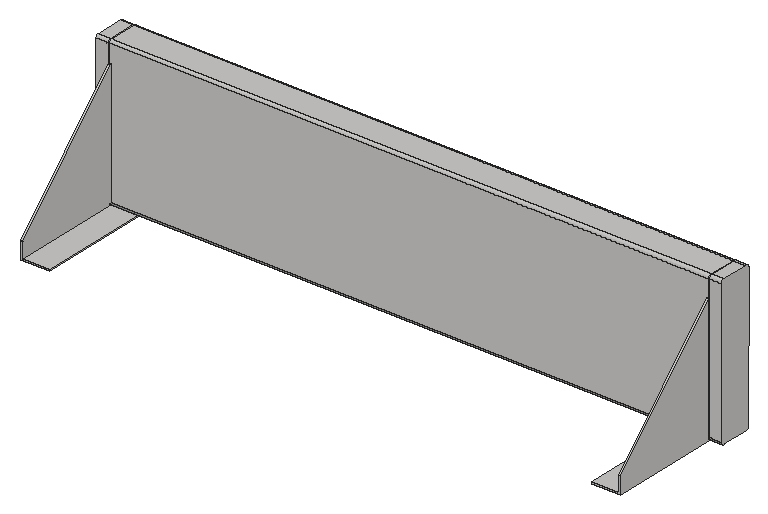
Revit family "PRD_AR_Shlvs_SaturnShelf_BXSV6-30", category Furniture, host Face, Revit 2018
Family settings
  Host = Face
  OmniClass Number = 23.40.20.00
  OmniClass Title = General Furniture and Specialties
  Cut with Voids When Loaded = No
  Shared = No
  Room Calculation Point = No
Parameters (values of type "BXSV6, Width=600")
  WarrantyStartDate [instance] = "1900-12-31T23:59:59"
  WarrantyGuarantorParts = "n/a"
  WarrantyGuarantorLabor = "n/a"
  WarrantyDurationUnit = "year"
  WarrantyDurationParts = "n/a"
  WarrantyDurationLabor = "n/a"
  WarrantyDescription = "n/a"
  Version = "1"
  Uniclass2015Version = "Products v1.10"
  Uniclass2015Title = "Bathroom shelves"
  Uniclass2015Code = "Pr_40_30_78_06"
  URL = "www.kwc.com"
  TagNumber [instance] = "n/a"
  SustainabilityPerformance = "n/a"
  Style = "Shelve"
  Size = "600 x 138 x 142 mm"
  ShelfMaterial = PRD_AR_StainlessSteel_SatinFinished
  Shape = "Rectangular"
  SerialNumber [instance] = "n/a"
  Revision = "n/a"
  ReplacementCost = "n/a"
  ProductInformation = "https://pim.kwc.com/product/2000056952/attachment/datasheet?locale=en"
  OverallWidth = 600.00 mm
  NominalWidth = 600.00 mm
  NominalHeight = 138.00 mm
  NominalDepth = 142.00 mm
  NetWeight = 1.70 kg
  Name = "SATURN shelf BXSV6"
  NBSTypeID = "n/a"
  NBSReference = "45-35-72/354"
  NBSOfficeMasterTag = "n/a"
  NBSNote = "n/a"
  NBSDescription = "Shelves"
  NBSCertification = "n/a"
  ModelReference = "BXSV6"
  ModelNumber = "2000056952"
  Model = ModelReference  # "BXSV6"
  Material = "Stainless steel"
  ManufacturerURL = "www.kwc.com"
  ManufacturerName = "KWC Group AG"  # constant formula
  Manufacturer = ManufacturerName  # "KWC Group AG"
  MainColor = "stainless steel"
  IntegralAccessories = "Brackets welded into shelf"
  InstallationDate [instance] = "1900-12-31T23:59:59"
  IfcExportType = "NOTDEFINED"
  IfcExportAs = "IfcFurnitureType"
  GrossWeight = 2.20 kg
  Grade = "n/a"
  Form = "Wall mounted"
  FinishAndColour = "Stainless steel, satin finished"
  Finish = "Satin finished"
  Features = "stainless steel, 1.00 mm, satin finished, wall mounting, 600x138x142 mm (WxHxD)"
  ExpectedLife = "n/a"
  DurationUnit = "year"
  Description = "Shelf for wall mounting, stainless steel, surface satin finished, material thickness 1 mm, brackets welded into shelf, side ends with grey plastic cover, for lengths over 1800 mm an additional bracket is scope of delivery. width: 600 mm"
  Default Elevation = 1100.00 mm
  CreateOn = "11/2018"  # constant formula
  Constituents = "n/a"
  Color = "Stainless steel"
  CodePerformance = "n/a"
  Category = "Pr_40_30_78_06, Bathroom shelves"
  BarCode [instance] = "n/a"
  BIMObjectName = "PRD_AR_Shelves_SaturnShelf_BXSV6"
  Author = "Archispace"  # constant formula
  AssetType = "Fixed"
  AssetIdentifier [instance] = "n/a"
  AdditionalBracket = OverallWidth > 1799.00 mm  # no
  AccessibilityPerformance = "n/a"
Types (6, lengths in mm): name | Uniclass2015Version | Size | ProductInformation | OverallWidth | NominalWidth | NetWeight | Name | ModelReference | ModelNumber | Model | GrossWeight | Features | Description | BIMObjectName | AdditionalBracket
  BXSV6, Width=600 | "Products v1.10" | "600 x 138 x 142 mm" | "https://pim.kwc.com/product/2000056952/attachment/datasheet?locale=en" | 600.00 | 600.00 | 1.70 kg | "SATURN shelf BXSV6" | "BXSV6" | "2000056952" | "BXSV6" | 2.20 kg | "stainless steel, 1.00 mm, satin finished, wall mounting, 600x138x142 mm (WxHxD)" | "Shelf for wall mounting, stainless steel, surface satin finished, material thickness 1 mm, brackets welded into shelf, side ends with grey plastic cover, for lengths over 1800 mm an additional bracket is scope of delivery. width: 600 mm" | "PRD_AR_Shelves_SaturnShelf_BXSV6" | no
  BXSV12, Width=1200 | "Products v1.10" | "1200 x 138 x 142 mm" | "https://pim.kwc.com/product/2000056946/attachment/datasheet?locale=en" | 1200.00 | 1200.00 | 2.70 kg | "SATURN shelf BXSV12" | "BXSV12" | "2000056946" | "BXSV12" | 3.50 kg | "stainless steel, 1.00 mm, satin finished, wall mounting, 1200x138x142 mm (WxHxD)" | "Shelf for wall mounting, stainless steel, surface satin finished, material thickness 1 mm, brackets welded into shelf, side ends with grey plastic cover, for lengths over 1800 mm an additional bracket is scope of delivery. width: 1200 mm" | "PRD_AR_Shelves_SaturnShelf_BXSV12" | no
  BXSV18, Width=1800 | "Products v1.5" | "1800 x 138 x 142 mm" | "https://pim.kwc.com/product/2000056950/attachment/datasheet?locale=en" | 1800.00 | 1800.00 | 3.80 kg | "SATURN shelf BXSV18" | "BXSV18" | "2000056950" | "BXSV18" | 4.90 kg | "stainless steel, 1.00 mm, satin finished, wall mounting, 1800x138x142 mm (WxHxD)" | "Shelf for wall mounting, stainless steel, surface satin finished, material thickness 1 mm, brackets welded into shelf, side ends with grey plastic cover, for lengths over 1800 mm an additional bracket is scope of delivery. width: 1800 mm" | "PRD_AR_Shelves_SaturnShelf_BXSV18" | yes
  BXSV24, Width=2400 | "Products v1.10" | "2400 x 138 x 142 mm" | "https://pim.kwc.com/product/2000100088/attachment/datasheet?locale=en" | 2400.00 | 2400.00 | 4.60 kg | "SATURN shelf BXSV24" | "BXSV24" | "2000100088" | "BXSV24" | 6.00 kg | "stainless steel, 1.00 mm, satin finished, wall mounting, 2400x138x142 mm (WxHxD)" | "Shelf for wall mounting, stainless steel, surface satin finished, material thickness 1 mm, brackets welded into shelf, side ends with grey plastic cover, for lengths over 1800 mm an additional bracket is scope of delivery. width: 2400 mm" | "PRD_AR_Shelves_SaturnShelf_BXSV24" | yes
  BXSV16, Width=1600 | "Products v1.10" | "1600 x 138 x 142 mm" | "https://pim.kwc.com/product/2030046197/attachment/datasheet?locale=en" | 1600.00 | 1600.00 | 2.90 kg | "SATURN shelf BXSV16" | "BXSV16" | "2030046197" | "BXSV16" | 3.80 kg | "stainless steel, 1.00 mm, satin finished, wall mounting, 1600x138x142 mm (WxHxD)" | "Shelf for wall mounting, stainless steel, surface satin finished, material thickness 1 mm, brackets welded into shelf, side ends with grey plastic cover, for lengths over 1800 mm an additional bracket is scope of delivery. width: 1600 mm" | "PRD_AR_Shelves_SaturnShelf_BXSV16" | no
  BXSV30, Width=3000 | "Products v1.10" | "3000 x 138 x 142 mm" | "https://pim.kwc.com/product/2030046195/attachment/datasheet?locale=en" | 3000.00 | 3000.00 | 4.80 kg | "SATURN shelf BXSV30" | "BXSV30" | "2030046195" | "BXSV30" | 6.60 kg | "stainless steel, 1.00 mm, satin finished, wall mounting, 3000x138x142 mm (WxHxD)" | "Shelf for wall mounting, stainless steel, surface satin finished, material thickness 1 mm, brackets welded into shelf, side ends with grey plastic cover, for lengths over 1800 mm an additional bracket is scope of delivery. width: 3000 mm" | "PRD_AR_Shelves_SaturnShelf_BXSV30" | yes
Reference planes
  plane 1 "Center (Front/Back)": y = 0
  plane 2: z = 0
  plane 3 "Center (Left/Right)": x = 0
  plane 4: x = -300
  plane 5: x = 300
  plane 6: x = -288
  plane 7: x = 288
Forms (mm)
  Extrusion 1, solid, material "PRD_AR_StainlessSteel_SatinFinished" <- "ShelfMaterial", detail levels fine
    sketch origin (0, 0, 0) x (0, 1, 0) y (0, 0, 1)
      loop
        arc (-32, 2.65) -> (-31.224, 0.776) -> (-29.35, 0) r 2.65
        line (-29.35, 0) -> (-2.65, 0)
        arc (-2.65, 0) -> (-0.776, 0.776) -> (0, 2.65) r 2.65
        line (0, 2.65) -> (0, 13.902)
        arc (0, 13.902) -> (-0.202, 14.916) -> (-0.776, 15.776) r 2.65
        line (-0.776, 15.776) -> (-7.487, 22.487)
        arc (-7.487, 22.487) -> (-7.867, 23.055) -> (-8, 23.725) r 1.75
        line (-8, 23.725) -> (-8, 118.275)
        arc (-8, 118.275) -> (-7.867, 118.945) -> (-7.487, 119.513) r 1.75
        line (-7.487, 119.513) -> (-0.776, 126.224)
        arc (-0.776, 126.224) -> (-0.202, 127.084) -> (0, 128.098) r 2.65
        line (0, 128.098) -> (0, 139.35)
        arc (0, 139.35) -> (-0.776, 141.224) -> (-2.65, 142) r 2.65
        line (-2.65, 142) -> (-29.35, 142)
        arc (-29.35, 142) -> (-31.224, 141.224) -> (-32, 139.35) r 2.65
        line (-32, 139.35) -> (-32, 2.65)
    from -288 to 288
  Extrusion 2, solid, material "PRD_AR_StainlessSteel_SatinFinished" <- "ShelfMaterial", detail levels fine
    sketch origin (-300, 544.268, 1219.2) x (0, 1, 0) y (0, 0, 1)
      loop
        arc (-573.618, -1077.2) -> (-575.492, -1077.976) -> (-576.268, -1079.85) r 2.65
        line (-576.268, -1079.85) -> (-576.268, -1216.55)
        arc (-576.268, -1216.55) -> (-575.492, -1218.424) -> (-573.618, -1219.2) r 2.65
        line (-573.618, -1219.2) -> (-546.918, -1219.2)
        arc (-546.918, -1219.2) -> (-545.044, -1218.424) -> (-544.268, -1216.55) r 2.65
        line (-544.268, -1216.55) -> (-544.268, -1079.85)
        arc (-544.268, -1079.85) -> (-545.044, -1077.976) -> (-546.918, -1077.2) r 2.65
        line (-546.918, -1077.2) -> (-573.618, -1077.2)
    from 0 to 12
  Extrusion 3, solid, material "PRD_AR_StainlessSteel_SatinFinished" <- "ShelfMaterial", detail levels fine
    sketch origin (300, 544.268, 1219.2) x (0, 1, 0) y (0, 0, -1)
      loop
        line (-544.268, 1079.85) -> (-544.268, 1216.55)
        arc (-544.268, 1216.55) -> (-545.044, 1218.424) -> (-546.918, 1219.2) r 2.65
        line (-546.918, 1219.2) -> (-573.618, 1219.2)
        arc (-573.618, 1219.2) -> (-575.492, 1218.424) -> (-576.268, 1216.55) r 2.65
        line (-576.268, 1216.55) -> (-576.268, 1079.85)
        arc (-576.268, 1079.85) -> (-575.492, 1077.976) -> (-573.618, 1077.2) r 2.65
        line (-573.618, 1077.2) -> (-546.918, 1077.2)
        arc (-546.918, 1077.2) -> (-545.044, 1077.976) -> (-544.268, 1079.85) r 2.65
    from 0 to 12
  Extrusion 4, solid, material "PRD_AR_StainlessSteel_SatinFinished" <- "ShelfMaterial", detail levels medium+fine
    sketch origin (-288, 544.268, 1219.2) x (0, 1, 0) y (0, 0, 1)
      loop
        line (-576.268, -1219.2) -> (-576.268, -1097.2) -> (-682.268, -1203.2) -> (-682.268, -1219.2) -> (-576.268, -1219.2)
    from 0 to 2
  Extrusion 5, solid, material "PRD_AR_StainlessSteel_SatinFinished" <- "ShelfMaterial", detail levels medium+fine
    sketch origin (-288, 544.268, 1219.2) x (0, 1, 0) y (0, 0, 1)
      loop
        line (-682.268, -1219.2) -> (-576.268, -1219.2) -> (-576.268, -1218.2) -> (-682.268, -1218.2) -> (-682.268, -1219.2)
    from 0 to 28
  Extrusion 6, solid, material "PRD_AR_StainlessSteel_SatinFinished" <- "ShelfMaterial", detail levels medium+fine
    sketch origin (288, 544.268, 1219.2) x (0, 1, 0) y (0, 0, -1)
      loop
        line (-682.268, 1203.2) -> (-576.268, 1097.2) -> (-576.268, 1219.2) -> (-682.268, 1219.2) -> (-682.268, 1203.2)
    from 0 to 2
  Extrusion 7, solid, material "PRD_AR_StainlessSteel_SatinFinished" <- "ShelfMaterial", detail levels medium+fine
    sketch origin (288, 544.268, 1219.2) x (0, 1, 0) y (0, 0, -1)
      loop
        line (-576.268, 1219.2) -> (-682.268, 1219.2) -> (-682.268, 1218.2) -> (-576.268, 1218.2) -> (-576.268, 1219.2)
    from 0 to 28
  Extrusion 8, solid, material "PRD_AR_StainlessSteel_SatinFinished" <- "ShelfMaterial", visible <- "AdditionalBracket", detail levels medium+fine
    sketch origin (0, 0, 0) x (0, 1, 0) y (0, 0, 1)
      loop
        line (-32, 122) -> (-138, 16) -> (-138, 0) -> (-32, 0) -> (-32, 122)
    from -12 to -14
  Extrusion 9, solid, material "PRD_AR_StainlessSteel_SatinFinished" <- "ShelfMaterial", visible <- "AdditionalBracket", detail levels medium+fine
    sketch origin (0, 0, 0) x (0, 1, 0) y (0, 0, 1)
      loop
        line (-32, 0) -> (-32, 1) -> (-138, 1) -> (-138, 0) -> (-32, 0)
    from 14 to -14
  Extrusion 10, solid, material "PRD_AR_StainlessSteel_SatinFinished" <- "ShelfMaterial", detail levels coarse+medium
    sketch origin (0, 0, 0) x (0, 1, 0) y (0, 0, 1)
      loop
        line (0, 0) -> (0, 142) -> (-32, 142) -> (-32, 0) -> (0, 0)
    from -300 to 300
  Extrusion 11, solid, material "PRD_AR_StainlessSteel_SatinFinished" <- "ShelfMaterial", visible <- "AdditionalBracket", detail levels coarse
    sketch origin (0, 0, 0) x (0, 1, 0) y (0, 0, 1)
      loop
        line (-32, 122) -> (-138, 16) -> (-138, 0) -> (-32, 0) -> (-32, 122)
    from -14 to 14
  Extrusion 12, solid, material "PRD_AR_StainlessSteel_SatinFinished" <- "ShelfMaterial", detail levels coarse
    sketch origin (288, 544.268, 1219.2) x (0, 1, 0) y (0, 0, -1)
      loop
        line (-576.268, 1097.2) -> (-576.268, 1219.2) -> (-682.268, 1219.2) -> (-682.268, 1203.2) -> (-576.268, 1097.2)
    from 0 to 28
  Extrusion 13, solid, material "PRD_AR_StainlessSteel_SatinFinished" <- "ShelfMaterial", detail levels coarse
    sketch origin (-288, 544.268, 1219.2) x (0, 1, 0) y (0, 0, 1)
      loop
        line (-576.268, -1219.2) -> (-576.268, -1097.2) -> (-682.268, -1203.2) -> (-682.268, -1219.2) -> (-576.268, -1219.2)
    from 0 to 28
Cuts and joins
  joined: Extrusion 4, Extrusion 5
  joined: Extrusion 6, Extrusion 7
  joined: Extrusion 8, Extrusion 9
Lines and regions (mm)
  symbolic lines, detail levels fine
    curve 1: line (288, 0, 126.224) -> (-288, 0, 126.224)
    curve 2: line (-288, 0, 16) -> (288, 0, 16)
Dimensions and locks
  equal spacing: plane 4, plane 3 "Center (Left/Right)", plane 5
  "OverallWidth": plane 4 to plane 5
  locked: plane 4 to plane 6 at 12
  locked: plane 7 to plane 5 at 12
  aligned and locked: plane 2 to host face
  aligned and locked: level to host face
  aligned and locked: Extrusion 1 to plane 7
  aligned and locked: Extrusion 1 to plane 6
  aligned and locked: plane 6 to Extrusion 2
  aligned and locked: plane 7 to Extrusion 3
  aligned and locked: plane 7 to curve 1
  aligned and locked: plane 7 to curve 2
  aligned and locked: plane 6 to curve 1
  aligned and locked: plane 6 to curve 2
  aligned and locked: Extrusion 10 to plane 5
  aligned and locked: Extrusion 10 to plane 4
Automatic sketch dimensions
  host sketch curve to host sketch curve = 2438.40 mm  (x2)
  Extrusion 1 sketch curve to level = 0.00 mm
  Extrusion 1 sketch curve to plane 1 "Center (Front/Back)" = 0.00 mm  (x2)
  plane 1 "Center (Front/Back)" to Extrusion 1 sketch curve = 0.776 mm  (x2)
  plane 1 "Center (Front/Back)" to Extrusion 1 sketch curve = 2.65 mm  (x3)
  Extrusion 1 sketch curve to Extrusion 1 sketch curve = 1.874 mm
  plane 1 "Center (Front/Back)" to Extrusion 1 sketch curve = 6.25 mm  (x2)
  Extrusion 1 sketch curve to Extrusion 1 sketch curve = 1.237 mm  (x2)
  Extrusion 1 sketch curve to Extrusion 1 sketch curve = 0.513 mm
  level to Extrusion 1 sketch curve = 2.65 mm
  Extrusion 1 sketch curve to Extrusion 1 sketch curve = 26.70 mm
  Extrusion 1 sketch curve to Extrusion 1 sketch curve = 2.65 mm
  Extrusion 1 sketch curve to Extrusion 1 sketch curve = 11.252 mm  (x2)
  Extrusion 1 sketch curve to Extrusion 1 sketch curve = 6.711 mm  (x2)
  Extrusion 1 sketch curve to Extrusion 1 sketch curve = 94.55 mm
  Extrusion 3 sketch curve to level = 0.00 mm
  Extrusion 3 sketch curve to plane 1 "Center (Front/Back)" = 2.65 mm
  Extrusion 3 sketch curve to Extrusion 3 sketch curve = 136.70 mm
  Extrusion 2 sketch curve to level = 0.00 mm
  Extrusion 2 sketch curve to Extrusion 2 sketch curve = 2.65 mm
  Extrusion 2 sketch curve to Extrusion 2 sketch curve = 136.70 mm
  Extrusion 2 sketch curve to plane 1 "Center (Front/Back)" = 0.00 mm
  plane 1 "Center (Front/Back)" to Extrusion 2 sketch curve = 2.65 mm  (x2)
  Extrusion 2 sketch curve to Extrusion 2 sketch curve = 26.70 mm
  level to Extrusion 2 sketch curve = 2.65 mm  (x3)
  Extrusion 3 sketch curve to plane 1 "Center (Front/Back)" = 0.00 mm
  Extrusion 3 sketch curve to Extrusion 3 sketch curve = 2.65 mm
  Extrusion 3 sketch curve to Extrusion 3 sketch curve = 0.00 mm  (x2)
  Extrusion 3 sketch curve to level = 2.65 mm  (x2)
  Extrusion 3 sketch curve to Extrusion 3 sketch curve = 26.70 mm
  Extrusion 4 sketch curve to level = 0.00 mm
  plane 1 "Center (Front/Back)" to Extrusion 4 sketch curve = 138.00 mm
  plane 1 "Center (Front/Back)" to Extrusion 4 sketch curve = 32.00 mm
  level to Extrusion 4 sketch curve = 16.00 mm
  level to Extrusion 4 sketch curve = 122.00 mm
  Extrusion 5 sketch curve to level = 0.00 mm
  level to Extrusion 5 sketch curve = 1.00 mm
  plane 1 "Center (Front/Back)" to Extrusion 5 sketch curve = 138.00 mm
  plane 1 "Center (Front/Back)" to Extrusion 5 sketch curve = 32.00 mm
  Extrusion 6 sketch curve to level = 0.00 mm
  Extrusion 6 sketch curve to plane 1 "Center (Front/Back)" = 32.00 mm
  Extrusion 6 sketch curve to level = 122.00 mm
  Extrusion 6 sketch curve to level = 16.00 mm
  Extrusion 6 sketch curve to Extrusion 6 sketch curve = 106.00 mm
  Extrusion 7 sketch curve to level = 0.00 mm
  Extrusion 7 sketch curve to plane 1 "Center (Front/Back)" = 138.00 mm
  Extrusion 7 sketch curve to level = 1.00 mm
  Extrusion 7 sketch curve to plane 1 "Center (Front/Back)" = 32.00 mm
  level to curve 2 = 16.00 mm
  curve 2 to curve 1 = 110.224 mm
  plane 1 "Center (Front/Back)" to Extrusion 8 sketch curve = 32.00 mm
  Extrusion 8 sketch curve to Extrusion 8 sketch curve = 122.00 mm
  level to Extrusion 8 sketch curve = 16.00 mm
  Extrusion 8 sketch curve to Extrusion 8 sketch curve = 106.00 mm
  Extrusion 8 sketch curve to level = 0.00 mm
  Extrusion 9 sketch curve to level = 0.00 mm
  plane 1 "Center (Front/Back)" to Extrusion 9 sketch curve = 138.00 mm
  level to Extrusion 9 sketch curve = 1.00 mm
  plane 1 "Center (Front/Back)" to Extrusion 9 sketch curve = 32.00 mm
  Extrusion 10 sketch curve to level = 0.00 mm
  Extrusion 10 sketch curve to plane 1 "Center (Front/Back)" = 0.00 mm
  plane 1 "Center (Front/Back)" to Extrusion 10 sketch curve = 32.00 mm
  Extrusion 10 sketch curve to Extrusion 10 sketch curve = 142.00 mm
  Extrusion 11 sketch curve to level = 0.00 mm
  level to Extrusion 11 sketch curve = 16.00 mm
  plane 1 "Center (Front/Back)" to Extrusion 11 sketch curve = 138.00 mm
  plane 1 "Center (Front/Back)" to Extrusion 11 sketch curve = 32.00 mm
  level to Extrusion 11 sketch curve = 122.00 mm
  Extrusion 13 sketch curve to level = 0.00 mm
  plane 1 "Center (Front/Back)" to Extrusion 13 sketch curve = 32.00 mm
  Extrusion 13 sketch curve to Extrusion 13 sketch curve = 122.00 mm
  level to Extrusion 13 sketch curve = 16.00 mm
  Extrusion 13 sketch curve to Extrusion 13 sketch curve = 106.00 mm
  Extrusion 12 sketch curve to level = 0.00 mm
  Extrusion 12 sketch curve to level = 16.00 mm
  Extrusion 12 sketch curve to plane 1 "Center (Front/Back)" = 138.00 mm
  Extrusion 12 sketch curve to plane 1 "Center (Front/Back)" = 32.00 mm
  Extrusion 12 sketch curve to Extrusion 12 sketch curve = 122.00 mm
